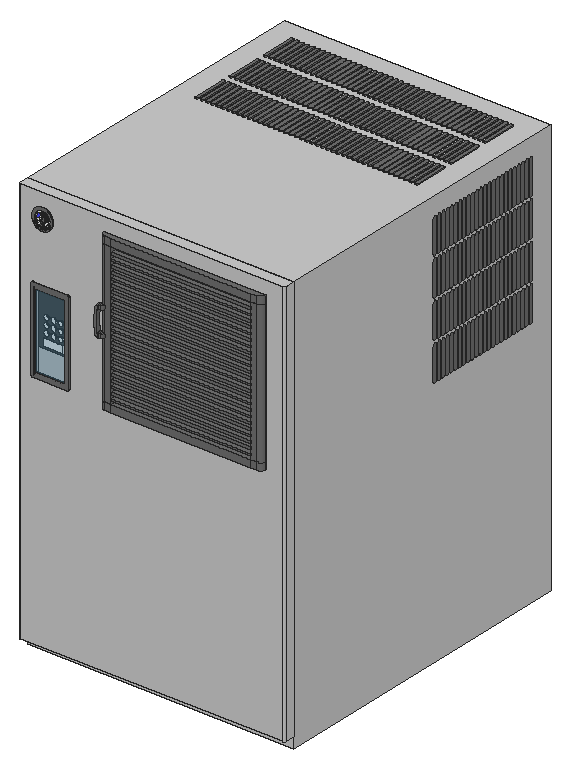
Revit family "QF_HOSHIZAKI_IM-130APE_251030081608", category Specialty Equipment, Revit 2021
Family settings
  Round Connector Dimension = Use Diameter
  Part Type = Normal
  OmniClass Number = 23.40.40.14
  OmniClass Title = Food Service Equipment
  Work Plane-Based = No
  Always vertical = Yes
  Cut with Voids When Loaded = No
  Shared = No
  Room Calculation Point = No
Parameters (values of type "M117")
  Weight [instance] = 68.00 kg
  Waste Water Discharge Temperature [instance] = 0 °C
  Waste Remarks [instance] = ""
  Warranty Start Date [instance] = ""
  Warranty Duration [instance] = ""
  Volts [instance] = 230 V
  Volt Free Conn [instance] = no
  URL Recommended Spares List [instance] = ""
  URL Manufacturer [instance] = ""
  URL Cutsheet [instance] = ""
  URL Critical Spares List [instance] = ""
  URL = "www.hoshizaki-europe.com"
  Technical Documentation [instance] = ""
  Tag Number [instance] = ""
  Status [instance] = ""
  Start Up Current [instance] = 0 A
  Specification by User [instance] = ""
  Specification by Manufacturer [instance] = ""
  Sound Level [instance] = ""
  Show Logo [instance] = yes
  Show Clearances [instance] = yes
  Service Life Duration [instance] = ""
  Serial Number [instance] = ""
  Seismic Rating [instance] = ""
  SMACNA No [instance] = ""
  Revision Code [instance] = ""
  Revision [instance] = ""
  Production Year [instance] = ""
  Potential Equalisation [instance] = no
  Point Load [instance] = 0
  Plumbing Remarks [instance] = ""
  Plumbing Connection Type [instance] = ""
  Phase [instance] = 1
  Other Equipment Approvals [instance] = ""
  Operational Current [instance] = 0 A
  Odor Trap Included [instance] = no
  Number of Poles [instance] = 2
  No Load Power Draw [instance] = no
  National Water Regulation Certification [instance] = no
  NAFEM Spec ID Number [instance] = ""
  Model Warning [instance] = ""
  Model = "IM-130APE"
  Min Ckt Ampacity [instance] = 0 A
  Max Overcurrent Protection [instance] = 16 A
  Masterspec [instance] = ""
  Manufacturer = "HOSHIZAKI"
  Main switch integrated [instance] = no
  Length Actual [instance] = 560 mm
  Item Number [instance] = ""
  Installed By [instance] = ""
  Installation Date [instance] = ""
  Indirect Waste Size [instance] = 19.05 mm
  Indirect Waste Remarks [instance] = ""
  Indirect Waste Flow [instance] = 0.0 L/s
  Indirect Waste Connection Type [instance] = ""
  Indirect Waste Connection Height [instance] = 0 mm
  Identify Quantity as Lot [instance] = no
  ID [instance] = ""
  Hygiene Approval [instance] = ""
  Height Actual [instance] = 880 mm
  HP power [instance] = ""
  Furnished By [instance] = ""
  Foodservice Equipment Identifier [instance] = no
  FL Amps [instance] = 2.52 A
  Electrical Remarks [instance] = "Plug not included"
  Electric power [instance] = 580 W
  Electric Connection Type [instance] = "Cord&Plug"
  Elec Conn RI Height [instance] = 0 mm
  Elec Conn Connection Height [instance] = 0 mm
  ETL Approved [instance] = no
  Direct Waste Water Discharge Temperature [instance] = -273.15 °C
  Direct Waste Size [instance] = 19.05 mm
  Direct Waste RI Height [instance] = 0 mm
  Direct Waste Flow [instance] = 0.0 L/s
  Direct Waste Connection Height [instance] = 0 mm
  Description = "CUBE MODEL IS A MODULAR ICE MAKER PRODUCING UP TO 125 KG OF CUBE ICE PER 24 HOURS. THIS MODEL IS COMPATIBLE WITH OUR STORAGE BINS"
  Depth Actual [instance] = 700 mm
  Default Elevation = 0 mm
  Cycle [instance] = 50 Hz
  Cost = 6055
  Connection to energy optimisation system [instance] = yes
  Conn Plug [instance] = ""
  Conn Conduit [instance] = no
  Cold Water Temperature Recommended [instance] = 0 °C
  Cold Water Size [instance] = 19.05 mm
  Cold Water Remarks [instance] = ""
  Cold Water RI Height [instance] = 0 mm
  Cold Water Quality [instance] = ""
  Cold Water Minimum Pressure [instance] = 200000.0 Pa
  Cold Water Maximum Pressure [instance] = 600000.0 Pa
  Cold Water Flow [instance] = 0.0 L/s
  Cold Water Connection Type [instance] = ""
  Cold Water Connection Height [instance] = 0 mm
  Centralized building control system with digital interface [instance] = ""
  CSI MasterFormat [instance] = ""
  CE Approved [instance] = no
  Barcode [instance] = 0
  Author [instance] = ""
  Asset Identifier [instance] = ""
  Apparent Power [instance] = 580 VA
  Accessory [instance] = no
Reference planes
  plane 1 "Center (Front/Back)": y = 0
  plane 2: z = 0
  plane 3 "Center (Left/Right)": x = 0
Forms (mm)
  Extrusion 1, solid, not visible
    sketch origin (47.002, -2, 411.02) x (1, 0, 0) y (0, 1, 0)
      loop
        line (-2, 2) -> (-2, -2) -> (2, -2) -> (2, 2) -> (-2, 2)
    from -2 to 2
  Extrusion 2, solid, not visible
    sketch origin (74.004, -2, 33.002) x (1, 0, 0) y (0, 1, 0)
      loop
        line (-2, 2) -> (-2, -2) -> (2, -2) -> (2, 2) -> (-2, 2)
    from -2 to 2
  Extrusion 3, solid, not visible
    sketch origin (51.002, -2, 795.039) x (1, 0, 0) y (0, 1, 0)
      loop
        line (-2, 2) -> (-2, -2) -> (2, -2) -> (2, 2) -> (-2, 2)
    from -2 to 2
Dimensions and locks
  locked: Extrusion 1 to nested 2
  locked: nested 2 to Extrusion 1 at 2
  locked: Extrusion 2 to nested 3
  locked: nested 3 to Extrusion 2 at 2
  locked: Extrusion 3 to nested 4
  locked: nested 4 to Extrusion 3 at 2
  aligned and locked: level to plane 2
Nested families
  nested 1: "QF_HOSHIZAKI_IM-130APE_2920" at (0, 0, 0), type "M117"
    with Weight 68.00 kg, Warranty Start Date "", Warranty Duration "", URL Cutsheet "", Technical Documentation "", Tag Number "", Status "", Specification by User "", Specification by Manufacturer "", Sound Level "", Solid Fuel Type "", Show Logo yes, Show Clearances yes, Service Life Duration "", Serial Number "", Seismic Rating "", SMACNA No "", Revision Code "", Revision "", Production Year "", Point Load 0, Other Equipment Approvals "", NAFEM Spec ID Number "", Model Warning "", Masterspec "", Length Actual 560 mm, Item Number "", Installed By "", Installation Date "", Identify Quantity as Lot yes, ID "", Hygiene Approval "", Height Actual 880 mm, Furnished By "", Foodservice Equipment Identifier yes, ETL Approved yes, Depth Actual 700 mm, CSI MasterFormat "", CE Approved yes, Barcode "", Asset Identifier "", Accessory no
  nested 2: "CONN_POINT_COLDWATER_2D___Generic_Annotation" at (47.002, 0, 411.02), type "CONN_POINT_COLDWATER_2D___Generic_Annotation"
    with Onboard connection annotation symbol visibility yes
  nested 3: "CONN_POINT_DRAIN_2D___Generic_Annotation" at (74.004, 0, 33.002), type "CONN_POINT_DRAIN_2D___Generic_Annotation"
    with Onboard connection annotation symbol visibility yes
  nested 4: "CONN_POINT_ELE_2D___Generic_Annotation" at (51.002, 0, 795.039), type "CONN_POINT_ELE_2D___Generic_Annotation"
    with Onboard connection annotation symbol visibility yes
Connectors
  piping at (47.002, 0, 411.02), diameter 19.05, driven by "Cold Water Size", driven by "Cold Water Flow"
    settings: on Extrusion 1, index 1, connector inside diameter 609.6 mm, connector length 0 mm, flow factor 0, pipe flow 0.0 L/s, pressure drop 0.0 Pa, fitting loss kfactor 0, connector angle 0.00°, fixture units 0, engagement length 0 mm, angle of deflection 0.00°, flow configuration 1, flow direction 1, fitting loss method 0, system type 20, joint type 0, gender type 0, connector reference index -1, connector utility 0, adjustable connector no, is connector primary yes, connector description "Cold Water connection for IM-130APE"
  piping at (74.004, 0, 33.002), diameter 19.05, driven by "Indirect Waste Size", driven by "Direct Waste Flow"
    settings: on Extrusion 2, index 2, connector inside diameter 609.6 mm, connector length 0 mm, flow factor 0, pipe flow 0.0 L/s, pressure drop 0.0 Pa, fitting loss kfactor 0, connector angle 0.00°, fixture units 0, engagement length 0 mm, angle of deflection 0.00°, flow configuration 1, flow direction 2, fitting loss method 0, system type 16, joint type 0, gender type 0, connector reference index -1, connector utility 0, adjustable connector no, is connector primary no, connector description "Waste connection for IM-130APE"
  electrical at (51.002, 0, 795.039), driven by "Apparent Power", driven by "Number of Poles", driven by "Volts"
    settings: on Extrusion 3, index 3, voltage 230 V, apparent load 0 VA, apparent load phase1 580 VA, apparent load phase2 0 VA, apparent load phase3 0 VA, power factor 1, load classification "Other", number of poles 2, system type 31, power factor state 1, is connector primary yes, connector utility no, sub classification motor no, connector description "Electrical connection for IM-130APE"
Definition of nested family "QF_HOSHIZAKI_IM-130APE_2920"
  Parameters (values of type "M117-D001")
    Weight [instance] = 0.00 kg
    Warranty Start Date [instance] = ""
    Warranty Duration [instance] = ""
    URL Cutsheet [instance] = ""
    URL = "www.hoshizaki-europe.com"
    Technical Documentation [instance] = ""
    Tag Number [instance] = ""
    Status [instance] = ""
    Specification by User [instance] = ""
    Specification by Manufacturer [instance] = ""
    Sound Level [instance] = ""
    Solid Fuel Type [instance] = ""
    Show Logo [instance] = yes
    Show Clearances [instance] = yes
    Service Life Duration [instance] = ""
    Serial Number [instance] = ""
    Seismic Rating [instance] = ""
    SMACNA No [instance] = ""
    Revision Code [instance] = ""
    Revision [instance] = ""
    Production Year [instance] = ""
    Point Load [instance] = 0
    Other Equipment Approvals [instance] = ""
    NAFEM Spec ID Number [instance] = ""
    Model Warning [instance] = ""
    Model = "IM-130APE-23"
    Masterspec [instance] = ""
    Manufacturer = "HOSHIZAKI"
    Length Actual [instance] = 0 mm
    Item Number [instance] = ""
    Installed By [instance] = ""
    Installation Date [instance] = ""
    Identify Quantity as Lot [instance] = yes
    ID [instance] = ""
    Hygiene Approval [instance] = ""
    Height Actual [instance] = 0 mm
    Furnished By [instance] = ""
    Foodservice Equipment Identifier [instance] = yes
    ETL Approved [instance] = yes
    Description = "CUBE IM ICE MAKERS HYDROCARBON - MODULAR - AIR COOLED - MEDIUM CUBES - 23 (28 X 28 X 23MM)"
    Depth Actual [instance] = 0 mm
    Default Elevation = 0 mm
    CSI MasterFormat [instance] = ""
    CE Approved [instance] = yes
    Barcode [instance] = ""
    Author = "SPECIFI"
    Asset Identifier [instance] = ""
    Assembly Code = "E1090320"
    Accessory [instance] = yes
  Types (4, lengths in mm): name | Model | Description
    M117 | "IM-130APE" | "CUBE MODEL IS A MODULAR ICE MAKER PRODUCING UP TO 125 KG OF CUBE ICE PER 24 HOURS. THIS MODEL IS COMPATIBLE WITH OUR STORAGE BINS"
    M117-D200 | "IM-130APE-U" | "ULTRACUBE MODEL IS A MODULAR ICE MAKER WITH UVC SANITIZATION FUNCTION PRODUCING UP TO 125 KG OF CUBE ICE PER 24 HOURS. THIS MODEL IS COMPATIBLE WITH OUR STORAGE BINS"
    M117-D001 | "IM-130APE-23" | "CUBE IM ICE MAKERS HYDROCARBON - MODULAR - AIR COOLED - MEDIUM CUBES - 23 (28 X 28 X 23MM)"
    M117-D201 | "IM-130APE-U-23" | "ULTRACUBE IM ICE MAKERS HYDROCARBON - MODULAR - AIR COOLED - MEDIUM CUBES - 23 (28 X 28 X 23MM)"
  Reference planes
    plane 1 "Back": y = 0
    plane 2: z = 0
    plane 3 "Left": x = 0
    plane 4 "Right": x = 560
    plane 5 "Front": y = -700
    plane 6 "Top": z = 880
  Forms (mm)
    Extrusion 1, solid
      sketch origin (301.535, -700, 494.477) x (1, 0, 0) y (0, 0, 1)
        loop
          arc (-274.035, 35.5) -> (-272.863, 32.672) -> (-270.035, 31.5) r 4
          line (-270.035, 31.5) -> (-198.035, 31.5)
          arc (-198.035, 31.5) -> (-195.208, 32.671) -> (-194.037, 35.498) r 3.998
          line (-194.037, 35.498) -> (-194.037, 207.502)
          arc (-194.037, 207.502) -> (-195.208, 210.329) -> (-198.035, 211.5) r 3.998
          line (-198.035, 211.5) -> (-270.035, 211.5)
          arc (-270.035, 211.5) -> (-272.863, 210.328) -> (-274.035, 207.5) r 4
          line (-274.035, 207.5) -> (-274.035, 35.5)
        loop
          arc (-264.624, 43.446) -> (-264.326, 42.728) -> (-263.609, 42.431) r 1.015
          line (-263.609, 42.431) -> (-204.466, 42.431)
          arc (-204.466, 42.431) -> (-203.748, 42.728) -> (-203.451, 43.446) r 1.015
          line (-203.451, 43.446) -> (-203.451, 199.554)
          arc (-203.451, 199.554) -> (-203.74, 200.252) -> (-204.437, 200.541) r 0.987
          line (-204.437, 200.541) -> (-263.637, 200.541)
          arc (-263.637, 200.541) -> (-264.335, 200.252) -> (-264.624, 199.554) r 0.987
          line (-264.624, 199.554) -> (-264.624, 43.446)
      from 0 to 2
    Extrusion 2, solid
      sketch origin (-266.981, -700, 494.477) x (1, 0, 0) y (0, 0, 1)
        loop
          arc (304.879, 200.541) -> (304.181, 200.252) -> (303.892, 199.554) r 0.987
          line (303.892, 199.554) -> (303.892, 43.446)
          arc (303.892, 43.446) -> (304.189, 42.728) -> (304.907, 42.431) r 1.015
          line (304.907, 42.431) -> (364.05, 42.431)
          arc (364.05, 42.431) -> (364.768, 42.728) -> (365.065, 43.446) r 1.015
          line (365.065, 43.446) -> (365.065, 199.554)
          arc (365.065, 199.554) -> (364.776, 200.252) -> (364.078, 200.541) r 0.987
          line (364.078, 200.541) -> (304.879, 200.541)
      from 0 to 2
    Extrusion 3, solid
      sketch origin (-195.739, -690, 451.342) x (1, 0, 0) y (0, 0, 1)
        loop
          circle (248.239, 189.635) r 5
        loop
          circle (248.239, 174.635) r 5
        loop
          circle (248.239, 159.635) r 5
        loop
          circle (263.238, 189.635) r 5
        loop
          circle (263.238, 174.635) r 5
        loop
          circle (263.238, 159.635) r 5
        loop
          circle (278.238, 189.635) r 5
        loop
          circle (278.238, 174.635) r 5
        loop
          circle (278.238, 159.635) r 5
        loop
          line (243.239, 149.635) -> (243.239, 134.635) -> (283.238, 134.635) -> (283.238, 149.635) -> (243.239, 149.635)
      from 1 to 2
    Extrusion 4, solid
      sketch origin (1.5, -889.067, 635.04) x (0, -1, 0) y (0, 0, 1)
        loop
          arc (-579.567, 204.442) -> (-583.067, 207.942) -> (-586.567, 204.442) r 3.5
          line (-586.567, 204.442) -> (-586.567, 136.498)
          arc (-586.567, 136.498) -> (-583.067, 132.998) -> (-579.567, 136.498) r 3.5
          line (-579.567, 136.498) -> (-579.567, 204.442)
        loop
          arc (-590.567, 204.442) -> (-594.067, 207.942) -> (-597.567, 204.442) r 3.5
          line (-597.567, 204.442) -> (-597.567, 136.498)
          arc (-597.567, 136.498) -> (-594.067, 132.998) -> (-590.567, 136.498) r 3.5
          line (-590.567, 136.498) -> (-590.567, 204.442)
        loop
          arc (-601.567, 204.442) -> (-605.067, 207.942) -> (-608.567, 204.442) r 3.5
          line (-608.567, 204.442) -> (-608.567, 136.498)
          arc (-608.567, 136.498) -> (-605.067, 132.998) -> (-601.567, 136.498) r 3.5
          line (-601.567, 136.498) -> (-601.567, 204.442)
        loop
          arc (-612.567, 204.442) -> (-616.067, 207.942) -> (-619.567, 204.442) r 3.5
          line (-619.567, 204.442) -> (-619.567, 136.498)
          arc (-619.567, 136.498) -> (-616.067, 132.998) -> (-612.567, 136.498) r 3.5
          line (-612.567, 136.498) -> (-612.567, 204.442)
        loop
          arc (-623.567, 204.442) -> (-627.067, 207.942) -> (-630.567, 204.442) r 3.5
          line (-630.567, 204.442) -> (-630.567, 136.498)
          arc (-630.567, 136.498) -> (-627.067, 132.998) -> (-623.567, 136.498) r 3.5
          line (-623.567, 136.498) -> (-623.567, 204.442)
        loop
          arc (-634.567, 204.442) -> (-638.067, 207.942) -> (-641.567, 204.442) r 3.5
          line (-641.567, 204.442) -> (-641.567, 136.498)
          arc (-641.567, 136.498) -> (-638.067, 132.998) -> (-634.567, 136.498) r 3.5
          line (-634.567, 136.498) -> (-634.567, 204.442)
        loop
          arc (-645.567, 204.442) -> (-649.067, 207.942) -> (-652.567, 204.442) r 3.5
          line (-652.567, 204.442) -> (-652.567, 136.498)
          arc (-652.567, 136.498) -> (-649.067, 132.998) -> (-645.567, 136.498) r 3.5
          line (-645.567, 136.498) -> (-645.567, 204.442)
        loop
          arc (-656.567, 204.442) -> (-660.067, 207.942) -> (-663.567, 204.442) r 3.5
          line (-663.567, 204.442) -> (-663.567, 136.498)
          arc (-663.567, 136.498) -> (-660.067, 132.998) -> (-656.567, 136.498) r 3.5
          line (-656.567, 136.498) -> (-656.567, 204.442)
        loop
          arc (-667.567, 204.442) -> (-671.067, 207.942) -> (-674.567, 204.442) r 3.5
          line (-674.567, 204.442) -> (-674.567, 136.498)
          arc (-674.567, 136.498) -> (-671.067, 132.998) -> (-667.567, 136.498) r 3.5
          line (-667.567, 136.498) -> (-667.567, 204.442)
        loop
          arc (-678.567, 204.442) -> (-682.067, 207.942) -> (-685.567, 204.442) r 3.5
          line (-685.567, 204.442) -> (-685.567, 136.498)
          arc (-685.567, 136.498) -> (-682.067, 132.998) -> (-678.567, 136.498) r 3.5
          line (-678.567, 136.498) -> (-678.567, 204.442)
        loop
          arc (-689.567, 204.442) -> (-693.067, 207.942) -> (-696.567, 204.442) r 3.5
          line (-696.567, 204.442) -> (-696.567, 136.498)
          arc (-696.567, 136.498) -> (-693.067, 132.998) -> (-689.567, 136.498) r 3.5
          line (-689.567, 136.498) -> (-689.567, 204.442)
        loop
          arc (-700.567, 204.442) -> (-704.067, 207.942) -> (-707.567, 204.442) r 3.5
          line (-707.567, 204.442) -> (-707.567, 136.498)
          arc (-707.567, 136.498) -> (-704.067, 132.998) -> (-700.567, 136.498) r 3.5
          line (-700.567, 136.498) -> (-700.567, 204.442)
        loop
          arc (-711.567, 204.442) -> (-715.067, 207.942) -> (-718.567, 204.442) r 3.5
          line (-718.567, 204.442) -> (-718.567, 136.498)
          arc (-718.567, 136.498) -> (-715.067, 132.998) -> (-711.567, 136.498) r 3.5
          line (-711.567, 136.498) -> (-711.567, 204.442)
        loop
          arc (-722.567, 204.442) -> (-726.067, 207.942) -> (-729.567, 204.442) r 3.5
          line (-729.567, 204.442) -> (-729.567, 136.498)
          arc (-729.567, 136.498) -> (-726.067, 132.998) -> (-722.567, 136.498) r 3.5
          line (-722.567, 136.498) -> (-722.567, 204.442)
        loop
          arc (-733.567, 204.442) -> (-737.067, 207.942) -> (-740.567, 204.442) r 3.5
          line (-740.567, 204.442) -> (-740.567, 136.498)
          arc (-740.567, 136.498) -> (-737.067, 132.998) -> (-733.567, 136.498) r 3.5
          line (-733.567, 136.498) -> (-733.567, 204.442)
        loop
          arc (-744.567, 204.442) -> (-748.067, 207.942) -> (-751.567, 204.442) r 3.5
          line (-751.567, 204.442) -> (-751.567, 136.498)
          arc (-751.567, 136.498) -> (-748.067, 132.998) -> (-744.567, 136.498) r 3.5
          line (-744.567, 136.498) -> (-744.567, 204.442)
        loop
          arc (-755.567, 204.442) -> (-759.067, 207.942) -> (-762.567, 204.442) r 3.5
          line (-762.567, 204.442) -> (-762.567, 136.498)
          arc (-762.567, 136.498) -> (-759.067, 132.998) -> (-755.567, 136.498) r 3.5
          line (-755.567, 136.498) -> (-755.567, 204.442)
        loop
          arc (-766.567, 204.442) -> (-770.067, 207.942) -> (-773.567, 204.442) r 3.5
          line (-773.567, 204.442) -> (-773.567, 136.498)
          arc (-773.567, 136.498) -> (-770.067, 132.998) -> (-766.567, 136.498) r 3.5
          line (-766.567, 136.498) -> (-766.567, 204.442)
        loop
          arc (-777.567, 204.442) -> (-781.067, 207.942) -> (-784.567, 204.442) r 3.5
          line (-784.567, 204.442) -> (-784.567, 136.498)
          arc (-784.567, 136.498) -> (-781.067, 132.998) -> (-777.567, 136.498) r 3.5
          line (-777.567, 136.498) -> (-777.567, 204.442)
        loop
          arc (-788.567, 204.442) -> (-792.067, 207.942) -> (-795.567, 204.442) r 3.5
          line (-795.567, 204.442) -> (-795.567, 136.498)
          arc (-795.567, 136.498) -> (-792.067, 132.998) -> (-788.567, 136.498) r 3.5
          line (-788.567, 136.498) -> (-788.567, 204.442)
        loop
          arc (-799.567, 204.442) -> (-803.067, 207.942) -> (-806.567, 204.442) r 3.5
          line (-806.567, 204.442) -> (-806.567, 136.498)
          arc (-806.567, 136.498) -> (-803.067, 132.998) -> (-799.567, 136.498) r 3.5
          line (-799.567, 136.498) -> (-799.567, 204.442)
        loop
          arc (-810.567, 204.442) -> (-814.067, 207.942) -> (-817.567, 204.442) r 3.5
          line (-817.567, 204.442) -> (-817.567, 136.498)
          arc (-817.567, 136.498) -> (-814.067, 132.998) -> (-810.567, 136.498) r 3.5
          line (-810.567, 136.498) -> (-810.567, 204.442)
        loop
          arc (-821.567, 204.442) -> (-825.067, 207.942) -> (-828.567, 204.442) r 3.5
          line (-828.567, 204.442) -> (-828.567, 136.498)
          arc (-828.567, 136.498) -> (-825.067, 132.998) -> (-821.567, 136.498) r 3.5
          line (-821.567, 136.498) -> (-821.567, 204.442)
        loop
          arc (-832.567, 204.442) -> (-836.067, 207.942) -> (-839.567, 204.442) r 3.5
          line (-839.567, 204.442) -> (-839.567, 136.498)
          arc (-839.567, 136.498) -> (-836.067, 132.998) -> (-832.567, 136.498) r 3.5
          line (-832.567, 136.498) -> (-832.567, 204.442)
        loop
          arc (-579.567, 124.442) -> (-583.067, 127.942) -> (-586.567, 124.442) r 3.5
          line (-586.567, 124.442) -> (-586.567, 56.498)
          arc (-586.567, 56.498) -> (-583.067, 52.998) -> (-579.567, 56.498) r 3.5
          line (-579.567, 56.498) -> (-579.567, 124.442)
        loop
          arc (-590.567, 124.442) -> (-594.067, 127.942) -> (-597.567, 124.442) r 3.5
          line (-597.567, 124.442) -> (-597.567, 56.498)
          arc (-597.567, 56.498) -> (-594.067, 52.998) -> (-590.567, 56.498) r 3.5
          line (-590.567, 56.498) -> (-590.567, 124.442)
        loop
          arc (-601.567, 124.442) -> (-605.067, 127.942) -> (-608.567, 124.442) r 3.5
          line (-608.567, 124.442) -> (-608.567, 56.498)
          arc (-608.567, 56.498) -> (-605.067, 52.998) -> (-601.567, 56.498) r 3.5
          line (-601.567, 56.498) -> (-601.567, 124.442)
        loop
          arc (-612.567, 124.442) -> (-616.067, 127.942) -> (-619.567, 124.442) r 3.5
          line (-619.567, 124.442) -> (-619.567, 56.498)
          arc (-619.567, 56.498) -> (-616.067, 52.998) -> (-612.567, 56.498) r 3.5
          line (-612.567, 56.498) -> (-612.567, 124.442)
        loop
          arc (-623.567, 124.442) -> (-627.067, 127.942) -> (-630.567, 124.442) r 3.5
          line (-630.567, 124.442) -> (-630.567, 56.498)
          arc (-630.567, 56.498) -> (-627.067, 52.998) -> (-623.567, 56.498) r 3.5
          line (-623.567, 56.498) -> (-623.567, 124.442)
        loop
          arc (-634.567, 124.442) -> (-638.067, 127.942) -> (-641.567, 124.442) r 3.5
          line (-641.567, 124.442) -> (-641.567, 56.498)
          arc (-641.567, 56.498) -> (-638.067, 52.998) -> (-634.567, 56.498) r 3.5
          line (-634.567, 56.498) -> (-634.567, 124.442)
        loop
          arc (-645.567, 124.442) -> (-649.067, 127.942) -> (-652.567, 124.442) r 3.5
          line (-652.567, 124.442) -> (-652.567, 56.498)
          arc (-652.567, 56.498) -> (-649.067, 52.998) -> (-645.567, 56.498) r 3.5
          line (-645.567, 56.498) -> (-645.567, 124.442)
        loop
          arc (-656.567, 124.442) -> (-660.067, 127.942) -> (-663.567, 124.442) r 3.5
          line (-663.567, 124.442) -> (-663.567, 56.498)
          arc (-663.567, 56.498) -> (-660.067, 52.998) -> (-656.567, 56.498) r 3.5
          line (-656.567, 56.498) -> (-656.567, 124.442)
        loop
          arc (-667.567, 124.442) -> (-671.067, 127.942) -> (-674.567, 124.442) r 3.5
          line (-674.567, 124.442) -> (-674.567, 56.498)
          arc (-674.567, 56.498) -> (-671.067, 52.998) -> (-667.567, 56.498) r 3.5
          line (-667.567, 56.498) -> (-667.567, 124.442)
        loop
          arc (-678.567, 124.442) -> (-682.067, 127.942) -> (-685.567, 124.442) r 3.5
          line (-685.567, 124.442) -> (-685.567, 56.498)
          arc (-685.567, 56.498) -> (-682.067, 52.998) -> (-678.567, 56.498) r 3.5
          line (-678.567, 56.498) -> (-678.567, 124.442)
        loop
          arc (-689.567, 124.442) -> (-693.067, 127.942) -> (-696.567, 124.442) r 3.5
          line (-696.567, 124.442) -> (-696.567, 56.498)
          arc (-696.567, 56.498) -> (-693.067, 52.998) -> (-689.567, 56.498) r 3.5
          line (-689.567, 56.498) -> (-689.567, 124.442)
        loop
          arc (-700.567, 124.442) -> (-704.067, 127.942) -> (-707.567, 124.442) r 3.5
          line (-707.567, 124.442) -> (-707.567, 56.498)
          arc (-707.567, 56.498) -> (-704.067, 52.998) -> (-700.567, 56.498) r 3.5
          line (-700.567, 56.498) -> (-700.567, 124.442)
        loop
          arc (-711.567, 124.442) -> (-715.067, 127.942) -> (-718.567, 124.442) r 3.5
          line (-718.567, 124.442) -> (-718.567, 56.498)
          arc (-718.567, 56.498) -> (-715.067, 52.998) -> (-711.567, 56.498) r 3.5
          line (-711.567, 56.498) -> (-711.567, 124.442)
        loop
          arc (-722.567, 124.442) -> (-726.067, 127.942) -> (-729.567, 124.442) r 3.5
          line (-729.567, 124.442) -> (-729.567, 56.498)
          arc (-729.567, 56.498) -> (-726.067, 52.998) -> (-722.567, 56.498) r 3.5
          line (-722.567, 56.498) -> (-722.567, 124.442)
        loop
          arc (-733.567, 124.442) -> (-737.067, 127.942) -> (-740.567, 124.442) r 3.5
          line (-740.567, 124.442) -> (-740.567, 56.498)
          arc (-740.567, 56.498) -> (-737.067, 52.998) -> (-733.567, 56.498) r 3.5
          line (-733.567, 56.498) -> (-733.567, 124.442)
        loop
          arc (-744.567, 124.442) -> (-748.067, 127.942) -> (-751.567, 124.442) r 3.5
          line (-751.567, 124.442) -> (-751.567, 56.498)
          arc (-751.567, 56.498) -> (-748.067, 52.998) -> (-744.567, 56.498) r 3.5
          line (-744.567, 56.498) -> (-744.567, 124.442)
        loop
          arc (-755.567, 124.442) -> (-759.067, 127.942) -> (-762.567, 124.442) r 3.5
          line (-762.567, 124.442) -> (-762.567, 56.498)
          arc (-762.567, 56.498) -> (-759.067, 52.998) -> (-755.567, 56.498) r 3.5
          line (-755.567, 56.498) -> (-755.567, 124.442)
        loop
          arc (-766.567, 124.442) -> (-770.067, 127.942) -> (-773.567, 124.442) r 3.5
          line (-773.567, 124.442) -> (-773.567, 56.498)
          arc (-773.567, 56.498) -> (-770.067, 52.998) -> (-766.567, 56.498) r 3.5
          line (-766.567, 56.498) -> (-766.567, 124.442)
        loop
          arc (-777.567, 124.442) -> (-781.067, 127.942) -> (-784.567, 124.442) r 3.5
          line (-784.567, 124.442) -> (-784.567, 56.498)
          arc (-784.567, 56.498) -> (-781.067, 52.998) -> (-777.567, 56.498) r 3.5
          line (-777.567, 56.498) -> (-777.567, 124.442)
        loop
          arc (-788.567, 124.442) -> (-792.067, 127.942) -> (-795.567, 124.442) r 3.5
          line (-795.567, 124.442) -> (-795.567, 56.498)
          arc (-795.567, 56.498) -> (-792.067, 52.998) -> (-788.567, 56.498) r 3.5
          line (-788.567, 56.498) -> (-788.567, 124.442)
        loop
          arc (-799.567, 124.442) -> (-803.067, 127.942) -> (-806.567, 124.442) r 3.5
          line (-806.567, 124.442) -> (-806.567, 56.498)
          arc (-806.567, 56.498) -> (-803.067, 52.998) -> (-799.567, 56.498) r 3.5
          line (-799.567, 56.498) -> (-799.567, 124.442)
        loop
          arc (-810.567, 124.442) -> (-814.067, 127.942) -> (-817.567, 124.442) r 3.5
          line (-817.567, 124.442) -> (-817.567, 56.498)
          arc (-817.567, 56.498) -> (-814.067, 52.998) -> (-810.567, 56.498) r 3.5
          line (-810.567, 56.498) -> (-810.567, 124.442)
        loop
          arc (-821.567, 124.442) -> (-825.067, 127.942) -> (-828.567, 124.442) r 3.5
          line (-828.567, 124.442) -> (-828.567, 56.498)
          arc (-828.567, 56.498) -> (-825.067, 52.998) -> (-821.567, 56.498) r 3.5
          line (-821.567, 56.498) -> (-821.567, 124.442)
        loop
          arc (-832.567, 124.442) -> (-836.067, 127.942) -> (-839.567, 124.442) r 3.5
          line (-839.567, 124.442) -> (-839.567, 56.498)
          arc (-839.567, 56.498) -> (-836.067, 52.998) -> (-832.567, 56.498) r 3.5
          line (-832.567, 56.498) -> (-832.567, 124.442)
        loop
          arc (-579.567, 44.442) -> (-583.067, 47.942) -> (-586.567, 44.442) r 3.5
          line (-586.567, 44.442) -> (-586.567, -23.502)
          arc (-586.567, -23.502) -> (-583.067, -27.002) -> (-579.567, -23.502) r 3.5
          line (-579.567, -23.502) -> (-579.567, 44.442)
        loop
          arc (-590.567, 44.442) -> (-594.067, 47.942) -> (-597.567, 44.442) r 3.5
          line (-597.567, 44.442) -> (-597.567, -23.502)
          arc (-597.567, -23.502) -> (-594.067, -27.002) -> (-590.567, -23.502) r 3.5
          line (-590.567, -23.502) -> (-590.567, 44.442)
        loop
          arc (-601.567, 44.442) -> (-605.067, 47.942) -> (-608.567, 44.442) r 3.5
          line (-608.567, 44.442) -> (-608.567, -23.502)
          arc (-608.567, -23.502) -> (-605.067, -27.002) -> (-601.567, -23.502) r 3.5
          line (-601.567, -23.502) -> (-601.567, 44.442)
        loop
          arc (-612.567, 44.442) -> (-616.067, 47.942) -> (-619.567, 44.442) r 3.5
          line (-619.567, 44.442) -> (-619.567, -23.502)
          arc (-619.567, -23.502) -> (-616.067, -27.002) -> (-612.567, -23.502) r 3.5
          line (-612.567, -23.502) -> (-612.567, 44.442)
        loop
          arc (-623.567, 44.442) -> (-627.067, 47.942) -> (-630.567, 44.442) r 3.5
          line (-630.567, 44.442) -> (-630.567, -23.502)
          arc (-630.567, -23.502) -> (-627.067, -27.002) -> (-623.567, -23.502) r 3.5
          line (-623.567, -23.502) -> (-623.567, 44.442)
        loop
          arc (-634.567, 44.442) -> (-638.067, 47.942) -> (-641.567, 44.442) r 3.5
          line (-641.567, 44.442) -> (-641.567, -23.502)
          arc (-641.567, -23.502) -> (-638.067, -27.002) -> (-634.567, -23.502) r 3.5
          line (-634.567, -23.502) -> (-634.567, 44.442)
        loop
          arc (-645.567, 44.442) -> (-649.067, 47.942) -> (-652.567, 44.442) r 3.5
          line (-652.567, 44.442) -> (-652.567, -23.502)
          arc (-652.567, -23.502) -> (-649.067, -27.002) -> (-645.567, -23.502) r 3.5
          line (-645.567, -23.502) -> (-645.567, 44.442)
        loop
          arc (-656.567, 44.442) -> (-660.067, 47.942) -> (-663.567, 44.442) r 3.5
          line (-663.567, 44.442) -> (-663.567, -23.502)
          arc (-663.567, -23.502) -> (-660.067, -27.002) -> (-656.567, -23.502) r 3.5
          line (-656.567, -23.502) -> (-656.567, 44.442)
        loop
          arc (-667.567, 44.442) -> (-671.067, 47.942) -> (-674.567, 44.442) r 3.5
          line (-674.567, 44.442) -> (-674.567, -23.502)
          arc (-674.567, -23.502) -> (-671.067, -27.002) -> (-667.567, -23.502) r 3.5
          line (-667.567, -23.502) -> (-667.567, 44.442)
        loop
          arc (-678.567, 44.442) -> (-682.067, 47.942) -> (-685.567, 44.442) r 3.5
          line (-685.567, 44.442) -> (-685.567, -23.502)
          arc (-685.567, -23.502) -> (-682.067, -27.002) -> (-678.567, -23.502) r 3.5
          line (-678.567, -23.502) -> (-678.567, 44.442)
        loop
          arc (-689.567, 44.442) -> (-693.067, 47.942) -> (-696.567, 44.442) r 3.5
          line (-696.567, 44.442) -> (-696.567, -23.502)
          arc (-696.567, -23.502) -> (-693.067, -27.002) -> (-689.567, -23.502) r 3.5
          line (-689.567, -23.502) -> (-689.567, 44.442)
        loop
          arc (-700.567, 44.442) -> (-704.067, 47.942) -> (-707.567, 44.442) r 3.5
          line (-707.567, 44.442) -> (-707.567, -23.502)
          arc (-707.567, -23.502) -> (-704.067, -27.002) -> (-700.567, -23.502) r 3.5
          line (-700.567, -23.502) -> (-700.567, 44.442)
        loop
          arc (-711.567, 44.442) -> (-715.067, 47.942) -> (-718.567, 44.442) r 3.5
          line (-718.567, 44.442) -> (-718.567, -23.502)
          arc (-718.567, -23.502) -> (-715.067, -27.002) -> (-711.567, -23.502) r 3.5
          line (-711.567, -23.502) -> (-711.567, 44.442)
        loop
          arc (-722.567, 44.442) -> (-726.067, 47.942) -> (-729.567, 44.442) r 3.5
          line (-729.567, 44.442) -> (-729.567, -23.502)
          arc (-729.567, -23.502) -> (-726.067, -27.002) -> (-722.567, -23.502) r 3.5
          line (-722.567, -23.502) -> (-722.567, 44.442)
        loop
          arc (-733.567, 44.442) -> (-737.067, 47.942) -> (-740.567, 44.442) r 3.5
          line (-740.567, 44.442) -> (-740.567, -23.502)
          arc (-740.567, -23.502) -> (-737.067, -27.002) -> (-733.567, -23.502) r 3.5
          line (-733.567, -23.502) -> (-733.567, 44.442)
        loop
          arc (-744.567, 44.442) -> (-748.067, 47.942) -> (-751.567, 44.442) r 3.5
          line (-751.567, 44.442) -> (-751.567, -23.502)
          arc (-751.567, -23.502) -> (-748.067, -27.002) -> (-744.567, -23.502) r 3.5
          line (-744.567, -23.502) -> (-744.567, 44.442)
        loop
          arc (-755.567, 44.442) -> (-759.067, 47.942) -> (-762.567, 44.442) r 3.5
          line (-762.567, 44.442) -> (-762.567, -23.502)
          arc (-762.567, -23.502) -> (-759.067, -27.002) -> (-755.567, -23.502) r 3.5
          line (-755.567, -23.502) -> (-755.567, 44.442)
        loop
          arc (-766.567, 44.442) -> (-770.067, 47.942) -> (-773.567, 44.442) r 3.5
          line (-773.567, 44.442) -> (-773.567, -23.502)
          arc (-773.567, -23.502) -> (-770.067, -27.002) -> (-766.567, -23.502) r 3.5
          line (-766.567, -23.502) -> (-766.567, 44.442)
        loop
          arc (-777.567, 44.442) -> (-781.067, 47.942) -> (-784.567, 44.442) r 3.5
          line (-784.567, 44.442) -> (-784.567, -23.502)
          arc (-784.567, -23.502) -> (-781.067, -27.002) -> (-777.567, -23.502) r 3.5
          line (-777.567, -23.502) -> (-777.567, 44.442)
        loop
          arc (-788.567, 44.442) -> (-792.067, 47.942) -> (-795.567, 44.442) r 3.5
          line (-795.567, 44.442) -> (-795.567, -23.502)
          arc (-795.567, -23.502) -> (-792.067, -27.002) -> (-788.567, -23.502) r 3.5
          line (-788.567, -23.502) -> (-788.567, 44.442)
        loop
          arc (-799.567, 44.442) -> (-803.067, 47.942) -> (-806.567, 44.442) r 3.5
          line (-806.567, 44.442) -> (-806.567, -23.502)
          arc (-806.567, -23.502) -> (-803.067, -27.002) -> (-799.567, -23.502) r 3.5
          line (-799.567, -23.502) -> (-799.567, 44.442)
        loop
          arc (-810.567, 44.442) -> (-814.067, 47.942) -> (-817.567, 44.442) r 3.5
          line (-817.567, 44.442) -> (-817.567, -23.502)
          arc (-817.567, -23.502) -> (-814.067, -27.002) -> (-810.567, -23.502) r 3.5
          line (-810.567, -23.502) -> (-810.567, 44.442)
        loop
          arc (-821.567, 44.442) -> (-825.067, 47.942) -> (-828.567, 44.442) r 3.5
          line (-828.567, 44.442) -> (-828.567, -23.502)
          arc (-828.567, -23.502) -> (-825.067, -27.002) -> (-821.567, -23.502) r 3.5
          line (-821.567, -23.502) -> (-821.567, 44.442)
        loop
          arc (-832.567, 44.442) -> (-836.067, 47.942) -> (-839.567, 44.442) r 3.5
          line (-839.567, 44.442) -> (-839.567, -23.502)
          arc (-839.567, -23.502) -> (-836.067, -27.002) -> (-832.567, -23.502) r 3.5
          line (-832.567, -23.502) -> (-832.567, 44.442)
        loop
          arc (-579.567, -35.558) -> (-583.067, -32.058) -> (-586.567, -35.558) r 3.5
          line (-586.567, -35.558) -> (-586.567, -103.502)
          arc (-586.567, -103.502) -> (-583.067, -107.002) -> (-579.567, -103.502) r 3.5
          line (-579.567, -103.502) -> (-579.567, -35.558)
        loop
          arc (-590.567, -35.558) -> (-594.067, -32.058) -> (-597.567, -35.558) r 3.5
          line (-597.567, -35.558) -> (-597.567, -103.502)
          arc (-597.567, -103.502) -> (-594.067, -107.002) -> (-590.567, -103.502) r 3.5
          line (-590.567, -103.502) -> (-590.567, -35.558)
        loop
          arc (-601.567, -35.558) -> (-605.067, -32.058) -> (-608.567, -35.558) r 3.5
          line (-608.567, -35.558) -> (-608.567, -103.502)
          arc (-608.567, -103.502) -> (-605.067, -107.002) -> (-601.567, -103.502) r 3.5
          line (-601.567, -103.502) -> (-601.567, -35.558)
        loop
          arc (-612.567, -35.558) -> (-616.067, -32.058) -> (-619.567, -35.558) r 3.5
          line (-619.567, -35.558) -> (-619.567, -103.502)
          arc (-619.567, -103.502) -> (-616.067, -107.002) -> (-612.567, -103.502) r 3.5
          line (-612.567, -103.502) -> (-612.567, -35.558)
        loop
          arc (-623.567, -35.558) -> (-627.067, -32.058) -> (-630.567, -35.558) r 3.5
          line (-630.567, -35.558) -> (-630.567, -103.502)
          arc (-630.567, -103.502) -> (-627.067, -107.002) -> (-623.567, -103.502) r 3.5
          line (-623.567, -103.502) -> (-623.567, -35.558)
        loop
          arc (-634.567, -35.558) -> (-638.067, -32.058) -> (-641.567, -35.558) r 3.5
          line (-641.567, -35.558) -> (-641.567, -103.502)
          arc (-641.567, -103.502) -> (-638.067, -107.002) -> (-634.567, -103.502) r 3.5
          line (-634.567, -103.502) -> (-634.567, -35.558)
        loop
          arc (-645.567, -35.558) -> (-649.067, -32.058) -> (-652.567, -35.558) r 3.5
          line (-652.567, -35.558) -> (-652.567, -103.502)
          arc (-652.567, -103.502) -> (-649.067, -107.002) -> (-645.567, -103.502) r 3.5
          line (-645.567, -103.502) -> (-645.567, -35.558)
        loop
          arc (-656.567, -35.558) -> (-660.067, -32.058) -> (-663.567, -35.558) r 3.5
          line (-663.567, -35.558) -> (-663.567, -103.502)
          arc (-663.567, -103.502) -> (-660.067, -107.002) -> (-656.567, -103.502) r 3.5
          line (-656.567, -103.502) -> (-656.567, -35.558)
        loop
          arc (-667.567, -35.558) -> (-671.067, -32.058) -> (-674.567, -35.558) r 3.5
          line (-674.567, -35.558) -> (-674.567, -103.502)
          arc (-674.567, -103.502) -> (-671.067, -107.002) -> (-667.567, -103.502) r 3.5
          line (-667.567, -103.502) -> (-667.567, -35.558)
        loop
          arc (-678.567, -35.558) -> (-682.067, -32.058) -> (-685.567, -35.558) r 3.5
          line (-685.567, -35.558) -> (-685.567, -103.502)
          arc (-685.567, -103.502) -> (-682.067, -107.002) -> (-678.567, -103.502) r 3.5
          line (-678.567, -103.502) -> (-678.567, -35.558)
        loop
          arc (-689.567, -35.558) -> (-693.067, -32.058) -> (-696.567, -35.558) r 3.5
          line (-696.567, -35.558) -> (-696.567, -103.502)
          arc (-696.567, -103.502) -> (-693.067, -107.002) -> (-689.567, -103.502) r 3.5
          line (-689.567, -103.502) -> (-689.567, -35.558)
        loop
          arc (-700.567, -35.558) -> (-704.067, -32.058) -> (-707.567, -35.558) r 3.5
          line (-707.567, -35.558) -> (-707.567, -103.502)
          arc (-707.567, -103.502) -> (-704.067, -107.002) -> (-700.567, -103.502) r 3.5
          line (-700.567, -103.502) -> (-700.567, -35.558)
        loop
          arc (-711.567, -35.558) -> (-715.067, -32.058) -> (-718.567, -35.558) r 3.5
          line (-718.567, -35.558) -> (-718.567, -103.502)
          arc (-718.567, -103.502) -> (-715.067, -107.002) -> (-711.567, -103.502) r 3.5
          line (-711.567, -103.502) -> (-711.567, -35.558)
        loop
          arc (-722.567, -35.558) -> (-726.067, -32.058) -> (-729.567, -35.558) r 3.5
          line (-729.567, -35.558) -> (-729.567, -103.502)
          arc (-729.567, -103.502) -> (-726.067, -107.002) -> (-722.567, -103.502) r 3.5
          line (-722.567, -103.502) -> (-722.567, -35.558)
        loop
          arc (-733.567, -35.558) -> (-737.067, -32.058) -> (-740.567, -35.558) r 3.5
          line (-740.567, -35.558) -> (-740.567, -103.502)
          arc (-740.567, -103.502) -> (-737.067, -107.002) -> (-733.567, -103.502) r 3.5
          line (-733.567, -103.502) -> (-733.567, -35.558)
        loop
          arc (-744.567, -35.558) -> (-748.067, -32.058) -> (-751.567, -35.558) r 3.5
          line (-751.567, -35.558) -> (-751.567, -103.502)
          arc (-751.567, -103.502) -> (-748.067, -107.002) -> (-744.567, -103.502) r 3.5
          line (-744.567, -103.502) -> (-744.567, -35.558)
        loop
          arc (-755.567, -35.558) -> (-759.067, -32.058) -> (-762.567, -35.558) r 3.5
          line (-762.567, -35.558) -> (-762.567, -103.502)
          arc (-762.567, -103.502) -> (-759.067, -107.002) -> (-755.567, -103.502) r 3.5
          line (-755.567, -103.502) -> (-755.567, -35.558)
        loop
          arc (-766.567, -35.558) -> (-770.067, -32.058) -> (-773.567, -35.558) r 3.5
          line (-773.567, -35.558) -> (-773.567, -103.502)
          arc (-773.567, -103.502) -> (-770.067, -107.002) -> (-766.567, -103.502) r 3.5
          line (-766.567, -103.502) -> (-766.567, -35.558)
        loop
          arc (-777.567, -35.558) -> (-781.067, -32.058) -> (-784.567, -35.558) r 3.5
          line (-784.567, -35.558) -> (-784.567, -103.502)
          arc (-784.567, -103.502) -> (-781.067, -107.002) -> (-777.567, -103.502) r 3.5
          line (-777.567, -103.502) -> (-777.567, -35.558)
        loop
          arc (-788.567, -35.558) -> (-792.067, -32.058) -> (-795.567, -35.558) r 3.5
          line (-795.567, -35.558) -> (-795.567, -103.502)
          arc (-795.567, -103.502) -> (-792.067, -107.002) -> (-788.567, -103.502) r 3.5
          line (-788.567, -103.502) -> (-788.567, -35.558)
        loop
          arc (-799.567, -35.558) -> (-803.067, -32.058) -> (-806.567, -35.558) r 3.5
          line (-806.567, -35.558) -> (-806.567, -103.502)
          arc (-806.567, -103.502) -> (-803.067, -107.002) -> (-799.567, -103.502) r 3.5
          line (-799.567, -103.502) -> (-799.567, -35.558)
        loop
          arc (-810.567, -35.558) -> (-814.067, -32.058) -> (-817.567, -35.558) r 3.5
          line (-817.567, -35.558) -> (-817.567, -103.502)
          arc (-817.567, -103.502) -> (-814.067, -107.002) -> (-810.567, -103.502) r 3.5
          line (-810.567, -103.502) -> (-810.567, -35.558)
        loop
          arc (-821.567, -35.558) -> (-825.067, -32.058) -> (-828.567, -35.558) r 3.5
          line (-828.567, -35.558) -> (-828.567, -103.502)
          arc (-828.567, -103.502) -> (-825.067, -107.002) -> (-821.567, -103.502) r 3.5
          line (-821.567, -103.502) -> (-821.567, -35.558)
        loop
          arc (-832.567, -35.558) -> (-836.067, -32.058) -> (-839.567, -35.558) r 3.5
          line (-839.567, -35.558) -> (-839.567, -103.502)
          arc (-839.567, -103.502) -> (-836.067, -107.002) -> (-832.567, -103.502) r 3.5
          line (-832.567, -103.502) -> (-832.567, -35.558)
      from 0 to 2
    Extrusion 5, void
      sketch origin (301.535, -690, 489.477) x (1, 0, 0) y (0, 0, 1)
        loop
          line (-269.035, 211.5) -> (-269.035, 41.5) -> (-199.037, 41.5) -> (-199.037, 211.5) -> (-269.035, 211.5)
      from 0 to 12
    Extrusion 6, solid
      sketch origin (-48.373, -690, 494.477) x (1, 0, 0) y (0, 0, 1)
        loop
          line (150.871, 206.5) -> (80.873, 206.5) -> (80.873, 86.5) -> (150.871, 86.5) -> (150.871, 206.5)
      from 0 to 1
    Extrusion 7, solid, visible <- "Show Logo"
      sketch origin (-2063.5, -705.5, 60.5) x (-1, 0, 0) y (0, 0, 1)
        loop
          circle (-2113.5, 769.5) r 13.99
      from 4.5 to 6
    Extrusion 8, solid, visible <- "Show Logo"
      sketch origin (-2063.5, -705.5, 60.5) x (-1, 0, 0) y (0, 0, 1)
        loop
          circle (-2113.5, 769.5) r 15
        loop
          line (-2126.5, 769.5) -> (-2120.846, 773.459) -> (-2118.907, 773.459) -> (-2118.036, 763.497) -> (-2119.632, 763.497) -> (-2117.808, 760.891) -> (-2122.091, 759.743)
          arc (-2122.091, 759.743) -> (-2112.99, 756.51) -> (-2104.171, 760.446) r 13
          line (-2104.171, 760.446) -> (-2111.913, 760.446) -> (-2113.024, 758.523) -> (-2117.6, 758.523) -> (-2113.951, 764.843) -> (-2112.168, 762.297) -> (-2110.969, 763.497) -> (-2112.161, 767.945) -> (-2112.983, 771.014) -> (-2114.045, 774.979) -> (-2115.629, 777.241) -> (-2111.344, 777.241) -> (-2110.01, 772.26) -> (-2108.361, 772.26) -> (-2107.029, 770.928) -> (-2104.038, 769.201) -> (-2103.03, 765.437) -> (-2100.604, 767.863)
          arc (-2100.604, 767.863) -> (-2112.68, 782.474) -> (-2126.5, 769.5) r 13
        loop
          arc (-2125.531, 764.467) -> (-2124.506, 762.602) -> (-2123.241, 760.891) r 15.828
          line (-2123.241, 760.891) -> (-2121.071, 768.926) -> (-2125.531, 764.467)
        loop
          line (-2109.801, 769.877) -> (-2109.801, 764.664) -> (-2108.483, 768.285) -> (-2106.744, 769.399) -> (-2109.801, 769.877)
        loop
          line (-2108.558, 762.979) -> (-2105.47, 762.035) -> (-2104.504, 761.224) -> (-2103.812, 761.916) -> (-2105.089, 763.908) -> (-2108.558, 762.979)
        loop
          line (-2110.775, 779.307) -> (-2108.457, 780.388) -> (-2110.775, 781.009) -> (-2110.775, 779.307)
        loop
          line (-2113.024, 781.662) -> (-2115.087, 781.11) -> (-2114.199, 779.205) -> (-2112.584, 779.638) -> (-2113.79, 780.335) -> (-2113.024, 781.662)
        loop
          line (-2113.762, 753.783) -> (-2114.844, 752.701) -> (-2116.385, 752.701) -> (-2115.329, 751.645) -> (-2115.642, 749.874) -> (-2113.762, 750.959) -> (-2111.881, 749.874) -> (-2112.194, 751.645) -> (-2111.138, 752.701) -> (-2112.679, 752.701) -> (-2113.762, 753.783)
        loop
          line (-2126.524, 760.7) -> (-2128.032, 760.965) -> (-2128.916, 762.228) -> (-2129.176, 760.757) -> (-2130.805, 759.997) -> (-2128.838, 759.08) -> (-2128.648, 756.917) -> (-2127.377, 758.188) -> (-2125.906, 757.929) -> (-2126.79, 759.191) -> (-2126.524, 760.7)
        loop
          line (-2120.989, 755.68) -> (-2122.45, 755.219) -> (-2123.816, 755.931) -> (-2123.367, 754.507) -> (-2124.462, 753.08) -> (-2122.293, 753.175) -> (-2121.127, 751.344) -> (-2120.586, 753.059) -> (-2119.162, 753.508) -> (-2120.529, 754.219) -> (-2120.989, 755.68)
        loop
          line (-2100.476, 760.7) -> (-2100.21, 759.191) -> (-2101.094, 757.929) -> (-2099.623, 758.188) -> (-2098.352, 756.917) -> (-2098.162, 759.08) -> (-2096.195, 759.997) -> (-2097.824, 760.757) -> (-2098.084, 762.228) -> (-2098.968, 760.965) -> (-2100.476, 760.7)
        loop
          line (-2106.011, 755.68) -> (-2106.471, 754.219) -> (-2107.838, 753.508) -> (-2106.414, 753.059) -> (-2105.873, 751.344) -> (-2104.707, 753.175) -> (-2102.538, 753.08) -> (-2103.633, 754.507) -> (-2103.184, 755.931) -> (-2104.55, 755.219) -> (-2106.011, 755.68)
      from 4 to 6
    Extrusion 9, solid, visible <- "Show Logo"
      sketch origin (-2063.5, -705.5, 60.5) x (-1, 0, 0) y (0, 0, 1)
        loop
          line (-2110.775, 781.009) -> (-2112.201, 782.435)
          arc (-2112.201, 782.435) -> (-2113.187, 782.496) -> (-2114.172, 782.435) r 8.046
          arc (-2114.172, 782.435) -> (-2116.517, 781.025) -> (-2117.04, 778.339) r 3.366
          line (-2117.04, 778.339) -> (-2118.907, 773.459) -> (-2117.808, 760.891) -> (-2119.436, 758.565) -> (-2117.576, 758.565) -> (-2113.951, 764.843) -> (-2112.168, 762.297) -> (-2110.969, 763.497) -> (-2114.045, 774.979) -> (-2115.629, 777.241) -> (-2111.299, 777.241) -> (-2110.775, 779.307) -> (-2110.775, 781.009)
        loop
          line (-2116.531, 758.523) -> (-2117.14, 757.468) -> (-2111.822, 757.468) -> (-2112.761, 758.407) -> (-2109.605, 758.407) -> (-2110.682, 759.485) -> (-2112.469, 759.485) -> (-2113.024, 758.523) -> (-2116.531, 758.523)
        loop
          line (-2113.024, 781.662) -> (-2115.087, 781.11) -> (-2114.199, 779.205) -> (-2112.584, 779.638) -> (-2113.79, 780.335) -> (-2113.024, 781.662)
      from 4 to 6
    Extrusion 10, solid, visible <- "Show Logo"
      sketch origin (-2063.5, -705.5, 60.5) x (-1, 0, 0) y (0, 0, 1)
        loop
          circle (-2113.5, 769.5) r 22.5
      from 5 to 7.5
    Extrusion 11, solid
      sketch origin (-498.752, -25.81, 878.5) x (-1, 0, 0) y (0, -1, 0)
        loop
          arc (-544.252, 265.634) -> (-547.752, 269.134) -> (-551.252, 265.634) r 3.5
          line (-551.252, 265.634) -> (-551.252, 197.69)
          arc (-551.252, 197.69) -> (-547.752, 194.19) -> (-544.252, 197.69) r 3.5
          line (-544.252, 197.69) -> (-544.252, 265.634)
        loop
          arc (-555.252, 265.634) -> (-558.752, 269.134) -> (-562.252, 265.634) r 3.5
          line (-562.252, 265.634) -> (-562.252, 197.69)
          arc (-562.252, 197.69) -> (-558.752, 194.19) -> (-555.252, 197.69) r 3.5
          line (-555.252, 197.69) -> (-555.252, 265.634)
        loop
          arc (-566.252, 265.634) -> (-569.752, 269.134) -> (-573.252, 265.634) r 3.5
          line (-573.252, 265.634) -> (-573.252, 197.69)
          arc (-573.252, 197.69) -> (-569.752, 194.19) -> (-566.252, 197.69) r 3.5
          line (-566.252, 197.69) -> (-566.252, 265.634)
        loop
          arc (-577.252, 265.634) -> (-580.752, 269.134) -> (-584.252, 265.634) r 3.5
          line (-584.252, 265.634) -> (-584.252, 197.69)
          arc (-584.252, 197.69) -> (-580.752, 194.19) -> (-577.252, 197.69) r 3.5
          line (-577.252, 197.69) -> (-577.252, 265.634)
        loop
          arc (-588.252, 265.634) -> (-591.752, 269.134) -> (-595.252, 265.634) r 3.5
          line (-595.252, 265.634) -> (-595.252, 197.69)
          arc (-595.252, 197.69) -> (-591.752, 194.19) -> (-588.252, 197.69) r 3.5
          line (-588.252, 197.69) -> (-588.252, 265.634)
        loop
          arc (-599.252, 265.634) -> (-602.752, 269.134) -> (-606.252, 265.634) r 3.5
          line (-606.252, 265.634) -> (-606.252, 197.69)
          arc (-606.252, 197.69) -> (-602.752, 194.19) -> (-599.252, 197.69) r 3.5
          line (-599.252, 197.69) -> (-599.252, 265.634)
        loop
          arc (-610.252, 265.634) -> (-613.752, 269.134) -> (-617.252, 265.634) r 3.5
          line (-617.252, 265.634) -> (-617.252, 197.69)
          arc (-617.252, 197.69) -> (-613.752, 194.19) -> (-610.252, 197.69) r 3.5
          line (-610.252, 197.69) -> (-610.252, 265.634)
        loop
          arc (-621.252, 265.634) -> (-624.752, 269.134) -> (-628.252, 265.634) r 3.5
          line (-628.252, 265.634) -> (-628.252, 197.69)
          arc (-628.252, 197.69) -> (-624.752, 194.19) -> (-621.252, 197.69) r 3.5
          line (-621.252, 197.69) -> (-621.252, 265.634)
        loop
          arc (-632.252, 265.634) -> (-635.752, 269.134) -> (-639.252, 265.634) r 3.5
          line (-639.252, 265.634) -> (-639.252, 197.69)
          arc (-639.252, 197.69) -> (-635.752, 194.19) -> (-632.252, 197.69) r 3.5
          line (-632.252, 197.69) -> (-632.252, 265.634)
        loop
          arc (-643.252, 265.634) -> (-646.752, 269.134) -> (-650.252, 265.634) r 3.5
          line (-650.252, 265.634) -> (-650.252, 197.69)
          arc (-650.252, 197.69) -> (-646.752, 194.19) -> (-643.252, 197.69) r 3.5
          line (-643.252, 197.69) -> (-643.252, 265.634)
        loop
          arc (-654.252, 265.634) -> (-657.752, 269.134) -> (-661.252, 265.634) r 3.5
          line (-661.252, 265.634) -> (-661.252, 197.69)
          arc (-661.252, 197.69) -> (-657.752, 194.19) -> (-654.252, 197.69) r 3.5
          line (-654.252, 197.69) -> (-654.252, 265.634)
        loop
          arc (-665.252, 265.634) -> (-668.752, 269.134) -> (-672.252, 265.634) r 3.5
          line (-672.252, 265.634) -> (-672.252, 197.69)
          arc (-672.252, 197.69) -> (-668.752, 194.19) -> (-665.252, 197.69) r 3.5
          line (-665.252, 197.69) -> (-665.252, 265.634)
        loop
          arc (-676.252, 265.634) -> (-679.752, 269.134) -> (-683.252, 265.634) r 3.5
          line (-683.252, 265.634) -> (-683.252, 197.69)
          arc (-683.252, 197.69) -> (-679.752, 194.19) -> (-676.252, 197.69) r 3.5
          line (-676.252, 197.69) -> (-676.252, 265.634)
        loop
          arc (-687.252, 265.634) -> (-690.752, 269.134) -> (-694.252, 265.634) r 3.5
          line (-694.252, 265.634) -> (-694.252, 197.69)
          arc (-694.252, 197.69) -> (-690.752, 194.19) -> (-687.252, 197.69) r 3.5
          line (-687.252, 197.69) -> (-687.252, 265.634)
        loop
          arc (-698.252, 265.634) -> (-701.752, 269.134) -> (-705.252, 265.634) r 3.5
          line (-705.252, 265.634) -> (-705.252, 197.69)
          arc (-705.252, 197.69) -> (-701.752, 194.19) -> (-698.252, 197.69) r 3.5
          line (-698.252, 197.69) -> (-698.252, 265.634)
        loop
          arc (-709.252, 265.634) -> (-712.752, 269.134) -> (-716.252, 265.634) r 3.5
          line (-716.252, 265.634) -> (-716.252, 197.69)
          arc (-716.252, 197.69) -> (-712.752, 194.19) -> (-709.252, 197.69) r 3.5
          line (-709.252, 197.69) -> (-709.252, 265.634)
        loop
          arc (-720.252, 265.634) -> (-723.752, 269.134) -> (-727.252, 265.634) r 3.5
          line (-727.252, 265.634) -> (-727.252, 197.69)
          arc (-727.252, 197.69) -> (-723.752, 194.19) -> (-720.252, 197.69) r 3.5
          line (-720.252, 197.69) -> (-720.252, 265.634)
        loop
          arc (-731.252, 265.634) -> (-734.752, 269.134) -> (-738.252, 265.634) r 3.5
          line (-738.252, 265.634) -> (-738.252, 197.69)
          arc (-738.252, 197.69) -> (-734.752, 194.19) -> (-731.252, 197.69) r 3.5
          line (-731.252, 197.69) -> (-731.252, 265.634)
        loop
          arc (-742.252, 265.634) -> (-745.752, 269.134) -> (-749.252, 265.634) r 3.5
          line (-749.252, 265.634) -> (-749.252, 197.69)
          arc (-749.252, 197.69) -> (-745.752, 194.19) -> (-742.252, 197.69) r 3.5
          line (-742.252, 197.69) -> (-742.252, 265.634)
        loop
          arc (-753.252, 265.634) -> (-756.752, 269.134) -> (-760.252, 265.634) r 3.5
          line (-760.252, 265.634) -> (-760.252, 197.69)
          arc (-760.252, 197.69) -> (-756.752, 194.19) -> (-753.252, 197.69) r 3.5
          line (-753.252, 197.69) -> (-753.252, 265.634)
        loop
          arc (-764.252, 265.634) -> (-767.752, 269.134) -> (-771.252, 265.634) r 3.5
          line (-771.252, 265.634) -> (-771.252, 197.69)
          arc (-771.252, 197.69) -> (-767.752, 194.19) -> (-764.252, 197.69) r 3.5
          line (-764.252, 197.69) -> (-764.252, 265.634)
        loop
          arc (-775.252, 265.634) -> (-778.752, 269.134) -> (-782.252, 265.634) r 3.5
          line (-782.252, 265.634) -> (-782.252, 197.69)
          arc (-782.252, 197.69) -> (-778.752, 194.19) -> (-775.252, 197.69) r 3.5
          line (-775.252, 197.69) -> (-775.252, 265.634)
        loop
          arc (-786.252, 265.634) -> (-789.752, 269.134) -> (-793.252, 265.634) r 3.5
          line (-793.252, 265.634) -> (-793.252, 197.69)
          arc (-793.252, 197.69) -> (-789.752, 194.19) -> (-786.252, 197.69) r 3.5
          line (-786.252, 197.69) -> (-786.252, 265.634)
        loop
          arc (-797.252, 265.634) -> (-800.752, 269.134) -> (-804.252, 265.634) r 3.5
          line (-804.252, 265.634) -> (-804.252, 197.69)
          arc (-804.252, 197.69) -> (-800.752, 194.19) -> (-797.252, 197.69) r 3.5
          line (-797.252, 197.69) -> (-797.252, 265.634)
        loop
          arc (-544.252, 175.69) -> (-547.752, 179.19) -> (-551.252, 175.69) r 3.5
          line (-551.252, 175.69) -> (-551.252, 107.69)
          arc (-551.252, 107.69) -> (-547.752, 104.19) -> (-544.252, 107.69) r 3.5
          line (-544.252, 107.69) -> (-544.252, 175.69)
        loop
          arc (-555.252, 175.69) -> (-558.752, 179.19) -> (-562.252, 175.69) r 3.5
          line (-562.252, 175.69) -> (-562.252, 107.69)
          arc (-562.252, 107.69) -> (-558.752, 104.19) -> (-555.252, 107.69) r 3.5
          line (-555.252, 107.69) -> (-555.252, 175.69)
        loop
          arc (-566.252, 175.69) -> (-569.752, 179.19) -> (-573.252, 175.69) r 3.5
          line (-573.252, 175.69) -> (-573.252, 107.69)
          arc (-573.252, 107.69) -> (-569.752, 104.19) -> (-566.252, 107.69) r 3.5
          line (-566.252, 107.69) -> (-566.252, 175.69)
        loop
          arc (-577.252, 175.69) -> (-580.752, 179.19) -> (-584.252, 175.69) r 3.5
          line (-584.252, 175.69) -> (-584.252, 107.69)
          arc (-584.252, 107.69) -> (-580.752, 104.19) -> (-577.252, 107.69) r 3.5
          line (-577.252, 107.69) -> (-577.252, 175.69)
        loop
          arc (-588.252, 175.69) -> (-591.752, 179.19) -> (-595.252, 175.69) r 3.5
          line (-595.252, 175.69) -> (-595.252, 107.69)
          arc (-595.252, 107.69) -> (-591.752, 104.19) -> (-588.252, 107.69) r 3.5
          line (-588.252, 107.69) -> (-588.252, 175.69)
        loop
          arc (-599.252, 175.69) -> (-602.752, 179.19) -> (-606.252, 175.69) r 3.5
          line (-606.252, 175.69) -> (-606.252, 107.69)
          arc (-606.252, 107.69) -> (-602.752, 104.19) -> (-599.252, 107.69) r 3.5
          line (-599.252, 107.69) -> (-599.252, 175.69)
        loop
          arc (-610.252, 175.69) -> (-613.752, 179.19) -> (-617.252, 175.69) r 3.5
          line (-617.252, 175.69) -> (-617.252, 107.69)
          arc (-617.252, 107.69) -> (-613.752, 104.19) -> (-610.252, 107.69) r 3.5
          line (-610.252, 107.69) -> (-610.252, 175.69)
        loop
          arc (-621.252, 175.69) -> (-624.752, 179.19) -> (-628.252, 175.69) r 3.5
          line (-628.252, 175.69) -> (-628.252, 107.69)
          arc (-628.252, 107.69) -> (-624.752, 104.19) -> (-621.252, 107.69) r 3.5
          line (-621.252, 107.69) -> (-621.252, 175.69)
        loop
          arc (-632.252, 175.69) -> (-635.752, 179.19) -> (-639.252, 175.69) r 3.5
          line (-639.252, 175.69) -> (-639.252, 107.69)
          arc (-639.252, 107.69) -> (-635.752, 104.19) -> (-632.252, 107.69) r 3.5
          line (-632.252, 107.69) -> (-632.252, 175.69)
        loop
          arc (-643.252, 175.69) -> (-646.752, 179.19) -> (-650.252, 175.69) r 3.5
          line (-650.252, 175.69) -> (-650.252, 107.69)
          arc (-650.252, 107.69) -> (-646.752, 104.19) -> (-643.252, 107.69) r 3.5
          line (-643.252, 107.69) -> (-643.252, 175.69)
        loop
          arc (-654.252, 175.69) -> (-657.752, 179.19) -> (-661.252, 175.69) r 3.5
          line (-661.252, 175.69) -> (-661.252, 107.69)
          arc (-661.252, 107.69) -> (-657.752, 104.19) -> (-654.252, 107.69) r 3.5
          line (-654.252, 107.69) -> (-654.252, 175.69)
        loop
          arc (-665.252, 175.69) -> (-668.752, 179.19) -> (-672.252, 175.69) r 3.5
          line (-672.252, 175.69) -> (-672.252, 107.69)
          arc (-672.252, 107.69) -> (-668.752, 104.19) -> (-665.252, 107.69) r 3.5
          line (-665.252, 107.69) -> (-665.252, 175.69)
        loop
          arc (-676.252, 175.69) -> (-679.752, 179.19) -> (-683.252, 175.69) r 3.5
          line (-683.252, 175.69) -> (-683.252, 107.69)
          arc (-683.252, 107.69) -> (-679.752, 104.19) -> (-676.252, 107.69) r 3.5
          line (-676.252, 107.69) -> (-676.252, 175.69)
        loop
          arc (-687.252, 175.69) -> (-690.752, 179.19) -> (-694.252, 175.69) r 3.5
          line (-694.252, 175.69) -> (-694.252, 107.69)
          arc (-694.252, 107.69) -> (-690.752, 104.19) -> (-687.252, 107.69) r 3.5
          line (-687.252, 107.69) -> (-687.252, 175.69)
        loop
          arc (-698.252, 175.69) -> (-701.752, 179.19) -> (-705.252, 175.69) r 3.5
          line (-705.252, 175.69) -> (-705.252, 107.69)
          arc (-705.252, 107.69) -> (-701.752, 104.19) -> (-698.252, 107.69) r 3.5
          line (-698.252, 107.69) -> (-698.252, 175.69)
        loop
          arc (-709.252, 175.69) -> (-712.752, 179.19) -> (-716.252, 175.69) r 3.5
          line (-716.252, 175.69) -> (-716.252, 107.69)
          arc (-716.252, 107.69) -> (-712.752, 104.19) -> (-709.252, 107.69) r 3.5
          line (-709.252, 107.69) -> (-709.252, 175.69)
        loop
          arc (-720.252, 175.69) -> (-723.752, 179.19) -> (-727.252, 175.69) r 3.5
          line (-727.252, 175.69) -> (-727.252, 107.69)
          arc (-727.252, 107.69) -> (-723.752, 104.19) -> (-720.252, 107.69) r 3.5
          line (-720.252, 107.69) -> (-720.252, 175.69)
        loop
          arc (-731.252, 175.69) -> (-734.752, 179.19) -> (-738.252, 175.69) r 3.5
          line (-738.252, 175.69) -> (-738.252, 107.69)
          arc (-738.252, 107.69) -> (-734.752, 104.19) -> (-731.252, 107.69) r 3.5
